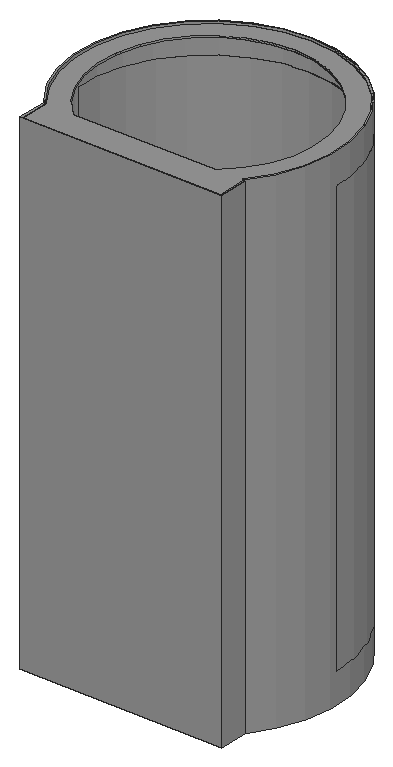
Revit family "3320 Bjørk_Waste bin", category Furniture Systems, host Wall, Revit 2018
Family settings
  Host = Wall
  Round Connector Dimension = Use Diameter
  Part Type = Normal
  Always vertical = Yes
  Cut with Voids When Loaded = No
  Shared = No
  Room Calculation Point = No
Parameters (values of type "BLACK")
  Karosseri = WHITE
  Front = WHITE
Reference planes
  plane 1 "Wall": y = 0
  plane 2 "Center (Left/Right)": x = 125
  plane 3 "Back": y = 75
Text (mm)
  text "Placement Side" at (-1848.837, 1116.779, 0), in view "Ref. Level"
  text "Placement side" at (0, 1409.804, 2854.306), in view "Left"
  text "Placement side" at (0, 499.811, 2980.732), in view "Right"
Dimensions and locks
  locked: plane 3 "Back" to host wall
  aligned and locked: plane 1 "Wall" to host wall
  aligned and locked: nested 1 to plane 3 "Back"
Nested families
  nested 1: "Master 3320 Waste bin" at (123.673, 75, 360) x (-1, 0, 0) z (0, 0, 1), type "Master 3320 Waste bin"
Definition of nested family "Master 3320 Waste bin"
  Parameters (values of type "Master 3320 Waste bin")
    Karosseri = none
    Front = none
  Reference planes
    plane 1 "Center (Front/Back)": y = 0
    plane 2: z = 0
    plane 3 "Center (Left/Right)": x = 0
  Forms (mm)
    Extrusion 1, solid, material <- "Karosseri"
      sketch origin (0, -111, 0) x (1, 0, 0) y (0, 1, 0)
        loop
          arc (-101.5, 81.227) -> (0, -130) -> (101.5, 81.227) r 130
          line (101.5, 81.227) -> (99.572, 81.227)
          arc (99.572, 81.227) -> (0, -128.5) -> (-99.572, 81.227) r 128.5
          line (-99.572, 81.227) -> (-101.5, 81.227)
      from 0 to 500
    Extrusion 2, solid, material <- "Karosseri"
      sketch origin (0, -111, 0) x (1, 0, 0) y (0, 1, 0)
        loop
          line (-101.5, 111) -> (-101.5, 81.227) -> (-99.572, 81.227) -> (-99.572, 109.5) -> (99.572, 109.5) -> (99.572, 81.227) -> (101.5, 81.227) -> (101.5, 111) -> (-101.5, 111)
      from 0 to 498
    Extrusion 3, solid, material <- "Karosseri"
      sketch origin (-149.841, -111, 498) x (0, -1, 0) y (-1, 0, 0)
        loop
          line (-81.227, -77.907) -> (-81.227, -221.775)
          arc (-81.227, -221.775) -> (108.5, -149.841) -> (-81.227, -77.907) r 108.5
        loop
          arc (-81.227, -249.413) -> (128.5, -149.841) -> (-81.227, -50.27) r 128.5
          line (-81.227, -50.27) -> (-109.5, -50.27) -> (-109.5, -249.413) -> (-81.227, -249.413)
      from 0 to 1.5
    Extrusion 4, solid, material <- "Karosseri"
      sketch origin (0, -111, 0) x (1, 0, 0) y (0, 1, 0)
        loop
          line (99.572, 109.5) -> (-99.572, 109.5) -> (-99.572, 81.227)
          arc (-99.572, 81.227) -> (0, -128.5) -> (99.572, 81.227) r 128.5
          line (99.572, 81.227) -> (99.572, 109.5)
      from 0 to 1.5
    Extrusion 5, void
      sketch origin (168.514, -111, 31) x (0, -1, 0) y (-1, 0, 0)
        loop
          spline (-4.107, 32.134) -> (30.905, 36.156) -> (63.683, 49.102) -> (91.994, 70.091) -> (113.907, 97.691) -> (127.931, 130.023) -> (133.108, 164.883) -> (129.086, 199.895) -> (116.14, 232.673) -> (95.152, 260.983) -> (67.551, 282.897) -> (35.219, 296.92) -> (0.359, 302.097)
          line (0.359, 302.097) -> (-4.107, 32.134)
      from 0 to -438
    Extrusion 6, solid, material <- "Front"
      sketch origin (0, -111, 0) x (1, 0, 0) y (0, 1, 0)
        loop
          arc (128.438, 3.975) -> (2.125, -128.482) -> (-128.5, -0.275) r 128.5
          line (-128.5, -0.275) -> (-129.997, 0.869)
          arc (-129.997, 0.869) -> (2.112, -129.983) -> (129.9, 5.092) r 130
          line (129.9, 5.092) -> (128.438, 3.975)
      from 31 to 469
  Cuts and joins
    Extrusion 5 cuts Extrusion 1
    Extrusion 5 cuts Extrusion 4
  Dimensions and locks
    aligned and locked: level to plane 2
    aligned and locked: Extrusion 6 to cut or joined group of Extrusion 1, Extrusion 5  (x4)
